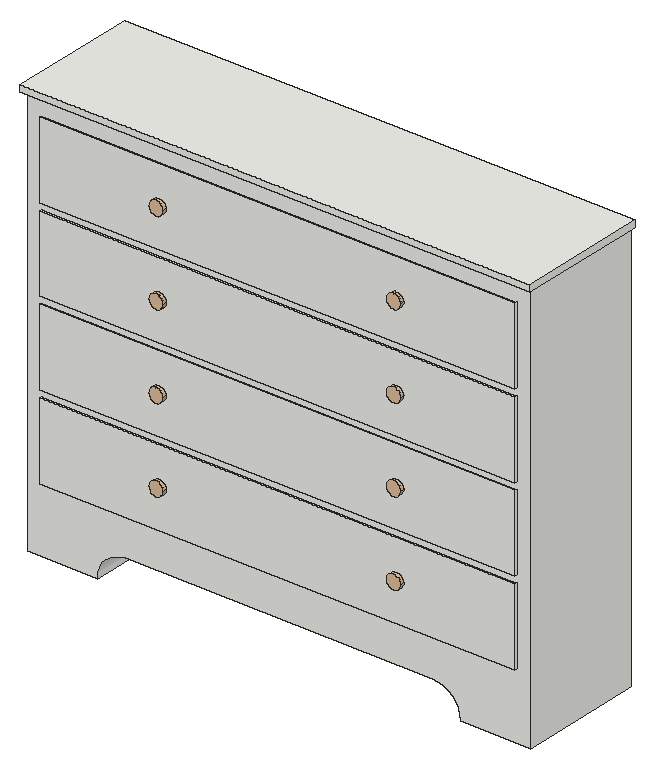
Revit family "Dresser", category Furniture, Revit 2018
Family settings
  OmniClass Number = 23.40.20.24.21
  OmniClass Title = Dressers
  Work Plane-Based = No
  Always vertical = Yes
  Cut with Voids When Loaded = No
  Shared = No
  Room Calculation Point = No
Parameters (values of type "72" x 60" x 18"")
  Assembly Code = "E2020200"
  Depth = 1' - 6"
  Dresser Material = Laminate - Ivory, Glossy
  Drawer Material = Laminate, Ivory, Matte
  Knob Material = Cherry
  Height = 5' - 0"
  Width = 6' - 0"
Types (4): name | Depth | Height | Width
  (no name) | 1' - 6" | 5' - 0" | 6' - 0"
  48" x 72" x 24" | 2' - 0" | 6' - 0" | 4' - 0"
  48" x 60" x 24" | 2' - 0" | 5' - 0" | 4' - 0"
  72" x 60" x 18" | 1' - 6" | 5' - 0" | 6' - 0"
Reference planes (in)
  plane 1 "Center (Front/Back)": y = -14.29775
  plane 2: z = 0
  plane 3 "Center (Left/Right)": x = -10.59816
  plane 4 "Back": y = -5.29775
  plane 5 "Front": y = -23.29775
  plane 6 "Right": x = 25.40184
  plane 7 "Left": x = -46.59816
  plane 8 "Top": z = 60
  plane 9: x = -32.59816
  plane 10: x = 11.40184
  plane 11: z = 57
  plane 12: z = 45
  plane 13: z = 33
  plane 14: z = 21
  plane 15: z = 9
  plane 16: x = -44.59816
  plane 17: x = 23.40184
  plane 18: y = -23.54775
  plane 19: z = 59
  plane 20: x = -27.59816
  plane 21: x = 6.40184
  plane 22: z = 51
  plane 23: z = 39
  plane 24: z = 27
  plane 25: z = 15
Forms (in)
  Extrusion 1, solid, material "Laminate - Ivory, Glossy" <- "Dresser Material"
    sketch origin (0, -23.29775, 0) x (1, 0, 0) y (0, 0, 1)
      loop
        line (15.40184, 0) -> (25.40184, 0) -> (25.40184, 59) -> (-46.59816, 59) -> (-46.59816, 0) -> (-36.59816, 0)
        arc (-36.59816, 0) -> (-35.42659, 2.82843) -> (-32.59816, 4) r 4
        line (-32.59816, 4) -> (11.40184, 4)
        arc (11.40184, 4) -> (14.23027, 2.82843) -> (15.40184, 0) r 4
    from 0 to -18
  Extrusion 2, solid, material "Laminate, Ivory, Matte"
    sketch origin (0, -23.29775, 0) x (1, 0, 0) y (0, 0, 1)
      loop
        line (23.40184, 56.5) -> (-44.59816, 56.5) -> (-44.59816, 45.5) -> (23.40184, 45.5) -> (23.40184, 56.5)
      loop
        line (23.40184, 44.5) -> (-44.59816, 44.5) -> (-44.59816, 33.5) -> (23.40184, 33.5) -> (23.40184, 44.5)
      loop
        line (23.40184, 32.5) -> (-44.59816, 32.5) -> (-44.59816, 21.5) -> (23.40184, 21.5) -> (23.40184, 32.5)
      loop
        line (23.40184, 20.5) -> (-44.59816, 20.5) -> (-44.59816, 9.5) -> (23.40184, 9.5) -> (23.40184, 20.5)
    from 0 to 0.25
  Extrusion 3, solid, material "Laminate, Ivory, Matte"
    sketch origin (0, 0, 0) x (1, 0, 0) y (0, 1, 0)
      loop
        line (-47.09816, -5.29775) -> (-47.09816, -24.04775) -> (25.90184, -24.04775) -> (25.90184, -5.29775) -> (-47.09816, -5.29775)
    from 59 to 60
  Extrusion 4, solid, material "Cherry" <- "Knob Material"
    sketch origin (0, -23.29775, 0) x (1, 0, 0) y (0, 0, 1)
      loop
        circle (6.40184, 51) r 1
      loop
        circle (6.40184, 39) r 1
      loop
        circle (6.40184, 27) r 1
      loop
        circle (6.40184, 15) r 1
      loop
        circle (-27.59816, 15) r 1
      loop
        circle (-27.59816, 27) r 1
      loop
        circle (-27.59816, 39) r 1
      loop
        circle (-27.59816, 51) r 1
    from 0.25 to 0.75
Lines and regions (in)
  Masking region 1
    outline origin (0, 0, 0) x (1, 0, 0) y (0, 1, 0)
      loop
        line (-46.59816, -5.29775) -> (-46.59816, -23.54775) -> (25.40184, -23.54775) -> (25.40184, -5.29775) -> (-46.59816, -5.29775)
Dimensions and locks (in)
  equal spacing: plane 7 "Left", plane 3 "Center (Left/Right)", plane 6 "Right"
  equal spacing: plane 5 "Front", plane 1 "Center (Front/Back)", plane 4 "Back"
  "Width": plane 7 "Left" to plane 6 "Right"
  "Depth": plane 5 "Front" to plane 4 "Back"
  "Height": plane 8 "Top" to plane 2
  locked: plane 7 "Left" to plane 9 at 14
  locked: plane 6 "Right" to plane 10 at 14
  locked: plane 8 "Top" to plane 11 at 3
  locked: plane 15 to plane 2 at 9
  equal spacing: plane 11, plane 12, plane 13, plane 14, plane 15
  locked: plane 7 "Left" to plane 16 at 2
  locked: plane 17 to plane 6 "Right" at 2
  plane 18 to plane 5 "Front" = 0' - 0 1/4"
  locked: plane 19 to plane 8 "Top" at 1
  equal spacing: plane 16, plane 20, plane 3 "Center (Left/Right)"
  equal spacing: plane 17, plane 21, plane 3 "Center (Left/Right)"
  equal spacing: plane 14, plane 25, plane 15
  equal spacing: plane 13, plane 24, plane 14
  equal spacing: plane 12, plane 23, plane 13
  equal spacing: plane 11, plane 22, plane 12
  aligned and locked: Extrusion 1 to plane 4 "Back"
  aligned and locked: Extrusion 2 to plane 5 "Front"
  aligned and locked: Extrusion 2 to plane 18
  aligned and locked: plane 19 to Extrusion 1
  aligned and locked: Extrusion 3 to plane 8 "Top"
  aligned and locked: Extrusion 3 to Extrusion 1
  aligned and locked: plane 4 "Back" to Masking region 1 sketch curve
  aligned and locked: Masking region 1 sketch curve to plane 7 "Left"
  aligned and locked: plane 6 "Right" to Masking region 1 sketch curve
  aligned and locked: plane 18 to Masking region 1 sketch curve
Automatic sketch dimensions
  Extrusion 1 sketch curve to level = 0' - 0"  (x2)
  Extrusion 1 sketch curve to plane 7 "Left" = 0' - 0"
  Extrusion 1 sketch curve to plane 9 = 0' - 0"
  Extrusion 1 sketch curve to plane 10 = 0' - 0"
  Extrusion 1 sketch curve to plane 6 "Right" = 0' - 0"
  Extrusion 1 sketch curve to Extrusion 1 sketch curve = 0' - 4"
  plane 8 "Top" to Extrusion 1 sketch curve = 0' - 1"
  Extrusion 2 sketch curve to plane 16 = 0' - 0"  (x4)
  Extrusion 2 sketch curve to plane 17 = 0' - 0"  (x4)
  Extrusion 2 sketch curve to plane 15 = 0' - 0 1/2"
  plane 14 to Extrusion 2 sketch curve = 0' - 0 1/2"
  Extrusion 2 sketch curve to plane 14 = 0' - 0 1/2"
  plane 13 to Extrusion 2 sketch curve = 0' - 0 1/2"
  Extrusion 2 sketch curve to plane 13 = 0' - 0 1/2"
  plane 12 to Extrusion 2 sketch curve = 0' - 0 1/2"
  Extrusion 2 sketch curve to plane 12 = 0' - 0 1/2"
  plane 11 to Extrusion 2 sketch curve = 0' - 0 1/2"
  plane 7 "Left" to Extrusion 3 sketch curve = 0' - 0 1/2"
  Extrusion 3 sketch curve to plane 18 = 0' - 0 1/2"
  Extrusion 3 sketch curve to plane 6 "Right" = 0' - 0 1/2"
  Extrusion 4 sketch curve to plane 22 = 0' - 0"  (x2)
  Extrusion 4 sketch curve to plane 23 = 0' - 0"  (x2)
  Extrusion 4 sketch curve to plane 24 = 0' - 0"  (x2)
  Extrusion 4 sketch curve to plane 25 = 0' - 0"  (x2)
  Extrusion 4 sketch curve to plane 20 = 0' - 0"  (x4)
  Extrusion 4 sketch curve to plane 21 = 0' - 0"  (x4)
  Extrusion 4 sketch curve to Extrusion 4 sketch curve = 0' - 1"  (x8)
  Extrusion 3 sketch curve to plane 4 "Back" = 0' - 0"
